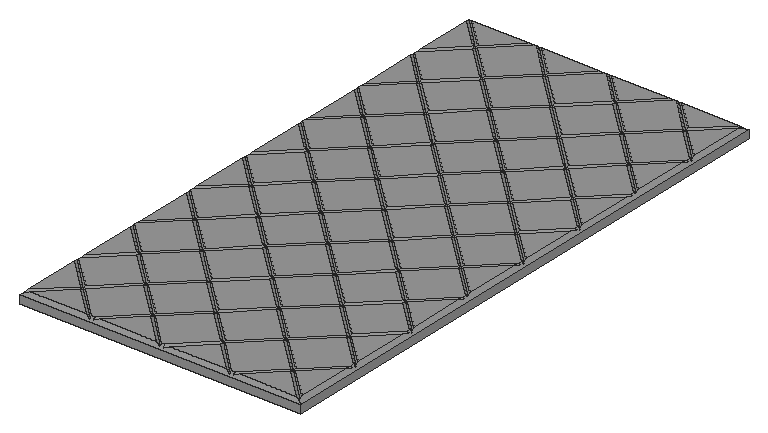
Revit family "CROSSED 2X4", category Generic Models, Revit 2016
Family settings
  Part Type = Normal
  Can host rebar = No
  Round Connector Dimension = Use Diameter
  Work Plane-Based = No
  Always vertical = Yes
  Cut with Voids When Loaded = No
  Shared = No
  Room Calculation Point = No
Parameters (values of type "STANDARD - CUSTOM PAINTED")
  URL = "https://www.acousticalsurfaces.com/envirocoustic-wood-wool/designs/"
  Thickness = 0' - 1"
  Material = "Envirocoustic Wood Wool"
  Manufacturer = "Acoustical Surfaces, Inc."
  Finish = Custom Painted
  Backer Thickness = 0' - 1"
  Backer = no
Types (9): name | Finish | Backer Thickness | Backer
  STANDARD - CUSTOM PAINTED | Custom Painted | 0' - 1" | no
  STANDARD - PRIMED WHITE | Primed White | 0' - 1" | no
  STANDARD - PRIMED CLEAR | Primed Clear | 0' - 1" | no
  2 INCH CFAB BACKER - PRIMED WHITE | Primed White | 0' - 2" | yes
  1 INCH CFAB BACKER - PRIMED WHITE | Primed White | 0' - 1" | yes
  2 INCH CFAB BACKER - PRIMED CLEAR | Primed Clear | 0' - 2" | yes
  1 INCH CFAB BACKER - PRIMED CLEAR | Primed Clear | 0' - 1" | yes
  2 INCH CFAB BACKER - CUSTOM PAINTED | Custom Painted | 0' - 2" | yes
  1 INCH CFAB BACKER - CUSTOM PAINTED | Custom Painted | 0' - 1" | yes
Reference planes (in)
  plane 1 "Center (Front/Back)": y = 0
  plane 2: z = 0
  plane 3 "Center (Left/Right)": x = 0
  plane 4: x = -12
  plane 5: x = 12
  plane 6: y = 24
  plane 7: y = -24
  plane 8: z = 1
  plane 9: z = -1
Forms (in)
  Extrusion 1, solid, material "Custom Painted" <- "Finish"
    sketch origin (0, 0, 0) x (1, 0, 0) y (0, 1, 0)
      loop
        line (12, 24) -> (-12, 24) -> (-12, -24) -> (12, -24) -> (12, 24)
    from 0 to 1
  Sweep 2, void
    path in 3D
      loop
        line (12, 24, 1) -> (-12, 24, 1) -> (-12, -24, 1) -> (12, -24, 1) -> (12, 24, 1)
    profile "Triangle : Family2" origin (12, 0, 1) x (-1, 0, 0) y (0, 0, 1)
      loop
        line (0, 0) -> (0, -0.315) -> (0.315, 0) -> (0, 0)
  Extrusion 3, solid, visible <- "Backer"
    sketch origin (0, 0, 0) x (1, 0, 0) y (0, 1, 0)
      loop
        line (12, 24) -> (-12, 24) -> (-12, -24) -> (12, -24) -> (12, 24)
    from 0 to -1
  Sweep 4, void
    path origin (0, 0, 1) x (1, 0, 0) y (0, 1, 0)
      loop
        line (12.00002, 18) -> (6.00002, 24)
    profile "Groove : Family2" origin (9.00002, 21, 1) x (-0.707107, -0.707107, 0) y (0, 0, 1)
      loop
        line (-0.1575, 0) -> (0, -0.1575) -> (0.1575, 0) -> (-0.1575, 0)
  Sweep 5, void
    path origin (0, 0, 1) x (1, 0, 0) y (0, 1, 0)
      loop
        line (12, 12) -> (0, 24)
    profile "Groove : Family2" origin (6, 18, 1) x (-0.707107, -0.707107, 0) y (0, 0, 1)
      loop
        line (-0.1575, 0) -> (0, -0.1575) -> (0.1575, 0) -> (-0.1575, 0)
  Sweep 6, void
    path origin (0, 0, 1) x (1, 0, 0) y (0, 1, 0)
      loop
        line (12, 6) -> (-6.00002, 24)
    profile "Groove : Family2" origin (2.99999, 15, 1) x (-0.707106, -0.707107, 0) y (0, 0, 1)
      loop
        line (-0.1575, 0) -> (0, -0.1575) -> (0.1575, 0) -> (-0.1575, 0)
  Sweep 7, void
    path origin (0, 0, 1) x (1, 0, 0) y (0, 1, 0)
      loop
        line (-12, 24) -> (12, 0)
    profile "Groove : Family2" origin (0, 12, 1) x (0.707107, 0.707107, 0) y (0, 0, 1)
      loop
        line (-0.1575, 0) -> (0, -0.1575) -> (0.1575, 0) -> (-0.1575, 0)
  Sweep 8, void
    path origin (0, 0, 1) x (1, 0, 0) y (0, 1, 0)
      loop
        line (-12.00002, 18) -> (12, -6)
    profile "Groove : Family2" origin (-0.00001, 6, 1) x (0.707106, 0.707107, 0) y (0, 0, 1)
      loop
        line (-0.1575, 0) -> (0, -0.1575) -> (0.1575, 0) -> (-0.1575, 0)
  Sweep 9, void
    path origin (0, 0, 1) x (1, 0, 0) y (0, 1, 0)
      loop
        line (-12, 12) -> (12, -12)
    profile "Groove : Family2" origin (0, 0, 1) x (0.707107, 0.707107, 0) y (0, 0, 1)
      loop
        line (-0.1575, 0) -> (0, -0.1575) -> (0.1575, 0) -> (-0.1575, 0)
  Sweep 10, void
    path origin (0, 0, 1) x (1, 0, 0) y (0, 1, 0)
      loop
        line (-12, 6) -> (12, -18)
    profile "Groove : Family2" origin (0, -6, 1) x (0.707107, 0.707107, 0) y (0, 0, 1)
      loop
        line (-0.1575, 0) -> (0, -0.1575) -> (0.1575, 0) -> (-0.1575, 0)
  Sweep 11, void
    path origin (0, 0, 1) x (1, 0, 0) y (0, 1, 0)
      loop
        line (-12, 0) -> (12, -24)
    profile "Groove : Family2" origin (0, -12, 1) x (0.707107, 0.707107, 0) y (0, 0, 1)
      loop
        line (-0.1575, 0) -> (0, -0.1575) -> (0.1575, 0) -> (-0.1575, 0)
  Sweep 12, void
    path origin (0, 0, 1) x (1, 0, 0) y (0, 1, 0)
      loop
        line (6.00002, -24.00002) -> (-12, -6)
    profile "Groove : Family2" origin (-2.99999, -15.00001, 1) x (-0.707107, -0.707107, 0) y (0, 0, 1)
      loop
        line (-0.1575, 0) -> (0, -0.1575) -> (0.1575, 0) -> (-0.1575, 0)
  Sweep 13, void
    path origin (0, 0, 1) x (1, 0, 0) y (0, 1, 0)
      loop
        line (0, -24) -> (-12, -12)
    profile "Groove : Family2" origin (-6, -18, 1) x (-0.707107, -0.707107, 0) y (0, 0, 1)
      loop
        line (-0.1575, 0) -> (0, -0.1575) -> (0.1575, 0) -> (-0.1575, 0)
  Sweep 14, void
    path origin (0, 0, 1) x (1, 0, 0) y (0, 1, 0)
      loop
        line (-6.00002, -24) -> (-12, -18)
    profile "Groove : Family2" origin (-9.00001, -21, 1) x (-0.707108, -0.707106, 0) y (0, 0, 1)
      loop
        line (-0.1575, 0) -> (0, -0.1575) -> (0.1575, 0) -> (-0.1575, 0)
  Sweep 15, void
    path origin (0, 0, 1) x (1, 0, 0) y (0, 1, 0)
      loop
        line (-6.00002, 24) -> (-12.00002, 18)
    profile "Groove : Family2" origin (-9.00002, 21, 1) x (0.707107, -0.707107, 0) y (0, 0, 1)
      loop
        line (-0.1575, 0) -> (0, -0.1575) -> (0.1575, 0) -> (-0.1575, 0)
  Sweep 16, void
    path origin (0, 0, 1) x (1, 0, 0) y (0, 1, 0)
      loop
        line (0, 24) -> (-12, 12)
    profile "Groove : Family2" origin (-6, 18, 1) x (0.707107, -0.707107, 0) y (0, 0, 1)
      loop
        line (-0.1575, 0) -> (0, -0.1575) -> (0.1575, 0) -> (-0.1575, 0)
  Sweep 17, void
    path origin (0, 0, 1) x (1, 0, 0) y (0, 1, 0)
      loop
        line (6.00002, 24) -> (-12, 6)
    profile "Groove : Family2" origin (-2.99999, 15, 1) x (0.707106, -0.707107, 0) y (0, 0, 1)
      loop
        line (-0.1575, 0) -> (0, -0.1575) -> (0.1575, 0) -> (-0.1575, 0)
  Sweep 18, void
    path origin (0, 0, 1) x (1, 0, 0) y (0, 1, 0)
      loop
        line (12, 24) -> (-12, 0)
    profile "Groove : Family2" origin (0, 12, 1) x (0.707107, -0.707107, 0) y (0, 0, 1)
      loop
        line (-0.1575, 0) -> (0, -0.1575) -> (0.1575, 0) -> (-0.1575, 0)
  Sweep 19, void
    path origin (0, 0, 1) x (1, 0, 0) y (0, 1, 0)
      loop
        line (-12, -6) -> (12.00002, 18)
    profile "Groove : Family2" origin (0.00001, 6, 1) x (-0.707106, 0.707107, 0) y (0, 0, 1)
      loop
        line (-0.1575, 0) -> (0, -0.1575) -> (0.1575, 0) -> (-0.1575, 0)
  Sweep 20, void
    path origin (0, 0, 1) x (1, 0, 0) y (0, 1, 0)
      loop
        line (-12, -12) -> (12, 12)
    profile "Groove : Family2" origin (0, 0, 1) x (-0.707107, 0.707107, 0) y (0, 0, 1)
      loop
        line (-0.1575, 0) -> (0, -0.1575) -> (0.1575, 0) -> (-0.1575, 0)
  Sweep 21, void
    path origin (0, 0, 1) x (1, 0, 0) y (0, 1, 0)
      loop
        line (-12, -18) -> (12, 6)
    profile "Groove : Family2" origin (0, -6, 1) x (-0.707107, 0.707107, 0) y (0, 0, 1)
      loop
        line (-0.1575, 0) -> (0, -0.1575) -> (0.1575, 0) -> (-0.1575, 0)
  Sweep 22, void
    path origin (0, 0, 1) x (1, 0, 0) y (0, 1, 0)
      loop
        line (12, 0) -> (-12, -24)
    profile "Groove : Family2" origin (0, -12, 1) x (0.707107, -0.707107, 0) y (0, 0, 1)
      loop
        line (-0.1575, 0) -> (0, -0.1575) -> (0.1575, 0) -> (-0.1575, 0)
  Sweep 23, void
    path origin (0, 0, 1) x (1, 0, 0) y (0, 1, 0)
      loop
        line (12, -6) -> (-6.00002, -24.00002)
    profile "Groove : Family2" origin (2.99999, -15.00001, 1) x (0.707107, -0.707107, 0) y (0, 0, 1)
      loop
        line (-0.1575, 0) -> (0, -0.1575) -> (0.1575, 0) -> (-0.1575, 0)
  Sweep 24, void
    path origin (0, 0, 1) x (1, 0, 0) y (0, 1, 0)
      loop
        line (12, -12) -> (0, -24)
    profile "Groove : Family2" origin (6, -18, 1) x (0.707107, -0.707107, 0) y (0, 0, 1)
      loop
        line (-0.1575, 0) -> (0, -0.1575) -> (0.1575, 0) -> (-0.1575, 0)
  Sweep 25, void
    path origin (0, 0, 1) x (1, 0, 0) y (0, 1, 0)
      loop
        line (12, -18) -> (6.00002, -24)
    profile "Groove : Family2" origin (9.00001, -21, 1) x (0.707108, -0.707106, 0) y (0, 0, 1)
      loop
        line (-0.1575, 0) -> (0, -0.1575) -> (0.1575, 0) -> (-0.1575, 0)
Cuts and joins
  Sweep 2, Sweep 4, Sweep 5, Sweep 6, Sweep 7, Sweep 8, Sweep 9, Sweep 10, Sweep 11, Sweep 12, Sweep 13, Sweep 14, Sweep 15, Sweep 16, Sweep 17, Sweep 18, Sweep 19, Sweep 20, Sweep 21, Sweep 22, Sweep 23, Sweep 24, Sweep 25 cuts Extrusion 1
Lines and regions (in)
  sketch lines
    curve 1: line (12, -24, 1) -> (12, 24, 1)
    curve 2: line (-12, -24, 1) -> (12, -24, 1)
    curve 3: line (-12, 24, 1) -> (-12, -24, 1)
    curve 4: line (12, 24, 1) -> (-12, 24, 1)
Dimensions and locks (in)
  equal spacing: plane 4, plane 3 "Center (Left/Right)", plane 5
  equal spacing: plane 7, plane 1 "Center (Front/Back)", plane 6
  plane 7 to plane 6 = 4' - 0"
  locked: plane 4 to plane 5 at 24
  "Thickness": plane 8 to level
  "Backer Thickness": level to plane 9
  aligned and locked: level to plane 2
  aligned and locked: Extrusion 1 sketch curve to plane 4
  aligned and locked: plane 5 to Extrusion 1 sketch curve
  aligned and locked: Extrusion 1 sketch curve to plane 6
  aligned and locked: Extrusion 1 sketch curve to plane 7
  aligned and locked: Extrusion 1 to plane 8
  aligned and locked: Extrusion 3 sketch curve to plane 4
  aligned and locked: plane 5 to Extrusion 3 sketch curve
  aligned and locked: Extrusion 3 sketch curve to plane 6
  aligned and locked: Extrusion 3 sketch curve to plane 7
  aligned and locked: plane 9 to Extrusion 3
Automatic sketch dimensions
  Sweep 13 sketch curve to Extrusion 1 = 0' - 0"
  Extrusion 1 to Sweep 13 sketch curve = 0' - 0"
  Sweep 13 sketch curve to Extrusion 1 = 1' - 0"  (x2)
